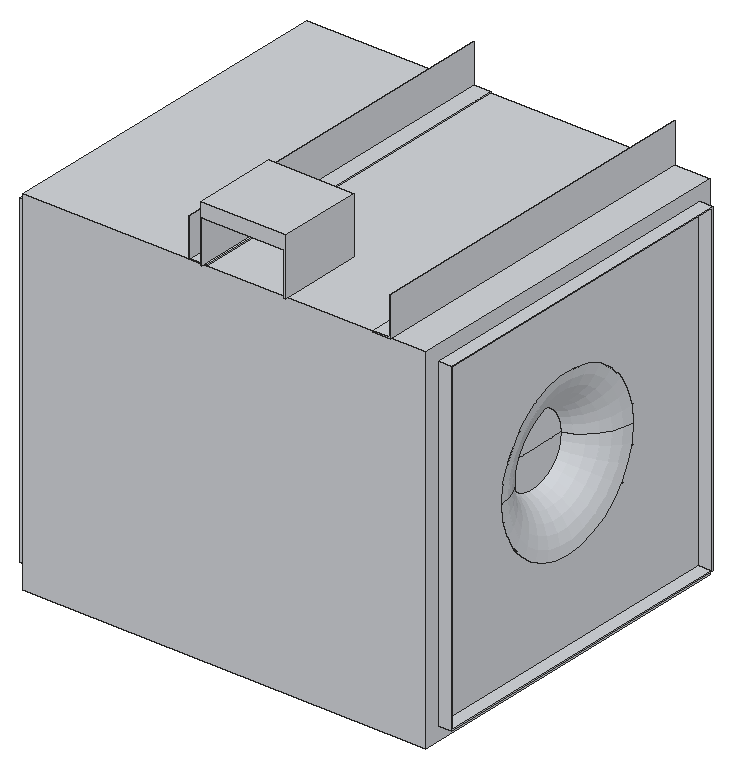
Revit family "SQN-D", category Mechanical Equipment, Revit 2016
Family settings
  Part Type = Normal
  Round Connector Dimension = Use Diameter
  Work Plane-Based = No
  Always vertical = Yes
  Cut with Voids When Loaded = No
  Shared = No
  Room Calculation Point = No
Parameters (values of type "365_SQN-D-VF2")
  ZERO = 0"
  Voltage [instance] = 0 V
  VF_to_Side = 3 3/16"
  VF_to_Rear = 2 1/8"
  Unit Weight [instance] = ""
  URL = "www.lorencook.com"
  Type Comments = "Centrifugal Square Inline Direct Drive Preprogrammed EC Electronically Commutated Vari-Flow Motor"
  T_SQ_HALF = T_SQ / 2  # 6"
  T_SQ = 12"
  TENTH_B = -B_SUB / 10  # -5.68125"
  TENTHB+FOURTHB = TENTH_B - FOURTH_B  # -19.88438"
  Static Pressure [instance] = 0.00 in-wg
  Sones [instance] = ""
  SHAFT_RAD = E_SUB / 12  # 1.22917"
  RAIL_SPACING = B_SUB / 2  # 28 13/32"
  Power [instance] = Voltage * Motor FLA * sqrt(if(Phase = 3, 3, 1))  # 0 VA
  Phase [instance] = 0
  PM = yes
  Number of Poles [instance] = 1
  NEG_HALF_D = -HALF_D_SUB  # -25"
  NEG_HALF2H+D = -(FLANGE + FLANGE + D_SUB) / 2  # -26"
  NEGHALFC-B = -(C_SUB - B_SUB) / 2  # -2"
  Motor RPM [instance] = ""
  Motor Hp [instance] = "0"
  Motor FLA [instance] = 0 A
  Motor Enclosure [instance] = ""
  ModelID [instance] = ""
  Model = "SQN-D-VF2"
  Manufacturer = "Loren Cook Company"
  MOTOR_DEPTH = -RAIL_SPACING + 1/4" - 3"  # -31 5/32"
  LwA [instance] = ""
  LS = yes
  IN_TENTH = INLET_RADIUS - D_SUB_TENTH  # 7 1/2"
  IN_RAD-D_SUB_TENTH = INLET_RADIUS - D_SUB_TENTH  # 7 1/2"
  INLET_RADIUS = HALF_D_SUB / 2  # 12 1/2"
  Height_with_VF = 58"
  HALF_MP = (-TENTH_B + FOURTH_B) / 2  # 9.94219"
  HALF_G = 11 101/256"
  HALF_F = 11 1/32"
  HALF_D_SUB_MIN_.25 = D_SUB_MINUS_.25 / 2  # 24 7/8"
  HALF_D_SUB = D_SUB / 2  # 25"
  HALF_D-F = (D_SUB - F_SUB) / 2  # 15 15/16"
  HALF_D-A = (D_SUB - A_SUB) / 2  # 2"
  HALF_D = D_SUB / 2  # 25"
  HALF_B-G = (B_SUB - G_SUB) / 2  # 18 27/32"
  HALF_B = B_SUB / 2  # 28 13/32"
  HALF_2H+D = (FLANGE + FLANGE + D_SUB) / 2  # 26"
  HALFC-B = (C_SUB - B_SUB) / 2  # 2"
  G_SUB = 19 1/8"
  Fan RPM [instance] = ""
  F_SUB = 18 1/8"
  FOURTH_B = B_SUB / 4  # 14 13/64"
  FLANGE = 1"
  E_SUB_DIRECT = 55 1/2"
  E_SUB = 14 3/4"
  D_PLUS_2 = D_SUB + 2"  # 52"
  D_SUB_TENTH = D_SUB / 10  # 5"
  D_SUB_MINUS_.25 = D_SUB - 1/4"  # 49 3/4"
  D_SUB = 50"
  DEPTH = B_SUB  # 56 13/16"
  C_SUB = 60 13/16"
  CFM [instance] = 0 CFM
  Brake Hp [instance] = ""
  B_SUB_MIN_.125 = B_SUB - 1/8"  # 56 11/16"
  B_SUB = 56 13/16"
  B/2-VF_to_Side = (B_SUB / 2) - VF_to_Side  # 25 7/32"
  Accessories [instance] = ""
  A_SUB = 46"
  1.5 = 1 1/2"  # constant formula
  ONE EIGTH = 1/8"  # constant formula
Types (47): name | VF_to_Side | VF_to_Rear | Type Comments | TENTH_B | TENTHB+FOURTHB | SHAFT_RAD | RAIL_SPACING | PM | NEG_HALF_D | NEG_HALF2H+D | NEGHALFC-B | Model | MOTOR_DEPTH | IN_TENTH | IN_RAD-D_SUB_TENTH | INLET_RADIUS | Height_with_VF | HALF_MP | HALF_D_SUB_MIN_.25 | HALF_D_SUB | HALF_D-F | HALF_D-A | HALF_D | HALF_B-G | HALF_B | HALF_2H+D | HALFC-B | G_SUB | F_SUB | FOURTH_B | E_SUB_DIRECT | E_SUB | D_PLUS_2 | D_SUB_TENTH | D_SUB_MINUS_.25 | D_SUB | DEPTH | C_SUB | B_SUB_MIN_.125 | B_SUB | B/2-VF_to_Side | A_SUB
  (no name) | 3 3/16" | 2 1/8" | "Centrifugal Square Inline Direct Drive Preprogrammed EC Electronically Commutated Vari-Flow Motor" | -5.68125" | -19.88438" | 1.22917" | 28 13/32" | yes | -25" | -26" | -2" | "SQN-D-VF2" | -31 5/32" | 7 1/2" | 7 1/2" | 12 1/2" | 58" | 9.94219" | 24 7/8" | 25" | 15 15/16" | 2" | 25" | 18 27/32" | 28 13/32" | 26" | 2" | 19 1/8" | 18 1/8" | 14 13/64" | 55 1/2" | 14 3/4" | 52" | 5" | 49 3/4" | 50" | 56 13/16" | 60 13/16" | 56 11/16" | 56 13/16" | 25 7/32" | 46"
  70_SQN-D | 3 3/16" | 2 1/8" | "Centrifugal Square Inline Direct Drive" | -1.2" | -4.2" | 1.13021" | 6" | no | -6" | -7" | -1" | "SQN-D" | -8 3/4" | 1.8" | 1.8" | 3" | 29 3/16" | 2.1" | 5 7/8" | 6" | 2 17/32" | 1" | 6" | 2 15/16" | 6" | 7" | 1" | 6 1/8" | 6 15/16" | 3" | 13 9/16" | 13 9/16" | 14" | 1.2" | 11 3/4" | 12" | 12" | 14" | 11 7/8" | 12" | 2 13/16" | 10"
  90_SQN-D | 3 3/16" | 2 1/8" | "Centrifugal Square Inline Direct Drive" | -1 1/2" | -5 1/4" | 1 19/64" | 7 1/2" | no | -7" | -8" | -1" | "SQN-D" | -10 1/4" | 2.1" | 2.1" | 3 1/2" | 29 3/16" | 2 5/8" | 6 7/8" | 7" | 2 17/32" | 1" | 7" | 2 15/16" | 7 1/2" | 8" | 1" | 9 1/8" | 8 15/16" | 3 3/4" | 15 9/16" | 15 9/16" | 16" | 1.4" | 13 3/4" | 14" | 15" | 17" | 14 7/8" | 15" | 4 5/16" | 12"
  100_SQN-D | 3 3/16" | 2 1/8" | "Centrifugal Square Inline Direct Drive" | -2" | -7" | 1.04167" | 10" | no | -7" | -8" | -1" | "SQN-D" | -12 3/4" | 2.1" | 2.1" | 3 1/2" | 29 3/16" | 3 1/2" | 6 7/8" | 7" | 2 17/32" | 1" | 7" | 2 15/16" | 10" | 8" | 1" | 14 1/8" | 8 15/16" | 5" | 15 9/16" | 12 1/2" | 16" | 1.4" | 13 3/4" | 14" | 20" | 22" | 19 7/8" | 20" | 6 13/16" | 12"
  120_SQN-D | 3 3/16" | 2 1/8" | "Centrifugal Square Inline Direct Drive" | -2" | -7" | 1.04167" | 10" | no | -9 7/32" | -10 7/32" | -1" | "SQN-D" | -12 3/4" | 2 49/64" | 2 49/64" | 4 39/64" | 29 3/16" | 3 1/2" | 9 3/32" | 9 7/32" | 2 15/16" | 1 7/32" | 9 7/32" | 2 15/16" | 10" | 10 7/32" | 1" | 14 1/8" | 12 9/16" | 5" | 20" | 12 1/2" | 20 7/16" | 1 27/32" | 18 3/16" | 18 7/16" | 20" | 22" | 19 7/8" | 20" | 6 13/16" | 16"
  135_SQN-D | 3 3/16" | 2 1/8" | "Centrifugal Square Inline Direct Drive" | -2.025" | -7.0875" | 1.04167" | 10 1/8" | no | -10 3/8" | -11 3/8" | -1" | "SQN-D" | -12 7/8" | 3.1125" | 3.1125" | 5 3/16" | 29 3/16" | 3.54375" | 10 1/4" | 10 3/8" | 3 13/16" | 1 3/8" | 10 3/8" | 3" | 10 1/8" | 11 3/8" | 1" | 14 1/4" | 13 1/8" | 5 1/16" | 22 5/16" | 12 1/2" | 22 3/4" | 2.075" | 20 1/2" | 20 3/4" | 20 1/4" | 22 1/4" | 20 1/8" | 20 1/4" | 6 15/16" | 18"
  150_SQN-D | 3 3/16" | 2 1/8" | "Centrifugal Square Inline Direct Drive" | -2 3/16" | -7 21/32" | 1 1/16" | 10 15/16" | no | -11 1/2" | -12 1/2" | -1" | "SQN-D" | -13 11/16" | 3.45" | 3.45" | 5 3/4" | 29 3/16" | 3 53/64" | 11 3/8" | 11 1/2" | 3 7/16" | 1 1/2" | 11 1/2" | 2 31/32" | 10 15/16" | 12 1/2" | 1" | 15 15/16" | 16 1/8" | 5 15/32" | 25 1/16" | 12 3/4" | 25" | 2.3" | 22 3/4" | 23" | 21 7/8" | 23 7/8" | 21 3/4" | 21 7/8" | 7 3/4" | 20"
  165_SQN-D | 3 3/16" | 2 1/8" | "Centrifugal Square Inline Direct Drive" | -2 1/2" | -8 3/4" | 1.22917" | 12 1/2" | no | -12 21/32" | -13 21/32" | -1" | "SQN-D" | -15 1/4" | 3 51/64" | 3 51/64" | 6 21/64" | 29 3/16" | 4 3/8" | 12 17/32" | 12 21/32" | 3 19/32" | 1 21/32" | 12 21/32" | 2 15/16" | 12 1/2" | 13 21/32" | 1" | 19 1/8" | 18 1/8" | 6 1/4" | 27 3/8" | 14 3/4" | 27 5/16" | 2 17/32" | 25 1/16" | 25 5/16" | 25" | 27" | 24 7/8" | 25" | 9 5/16" | 22"
  120_SQN-D-VF | 3 3/16" | 2 1/8" | "Centrifugal Square Inline Direct Drive Preprogrammed EC Electronically Commutated Vari-Flow Motor" | -2" | -7" | 1.04167" | 10" | no | -9 7/32" | -10 7/32" | -1" | "SQN-D-VF" | -12 3/4" | 2 49/64" | 2 49/64" | 4 39/64" | 29 3/16" | 3 1/2" | 9 3/32" | 9 7/32" | 2 15/16" | 1 7/32" | 9 7/32" | 2 15/16" | 10" | 10 7/32" | 1" | 14 1/8" | 12 9/16" | 5" | 20" | 12 1/2" | 20 7/16" | 1 27/32" | 18 3/16" | 18 7/16" | 20" | 22" | 19 7/8" | 20" | 6 13/16" | 16"
  135_SQN-D-VF | 4 3/8" | 8 1/8" | "Centrifugal Square Inline Direct Drive Preprogrammed EC Electronically Commutated Vari-Flow Motor" | -2.025" | -7.0875" | 1.04167" | 10 1/8" | no | -10 3/8" | -11 3/8" | -1" | "SQN-D-VF" | -12 7/8" | 3.1125" | 3.1125" | 5 3/16" | 31 1/2" | 3.54375" | 10 1/4" | 10 3/8" | 3 13/16" | 1 3/8" | 10 3/8" | 3" | 10 1/8" | 11 3/8" | 1" | 14 1/4" | 13 1/8" | 5 1/16" | 22 5/16" | 12 1/2" | 22 3/4" | 2.075" | 20 1/2" | 20 3/4" | 20 1/4" | 22 1/4" | 20 1/8" | 20 1/4" | 5 3/4" | 18"
  150_SQN-D-VF | 5 1/2" | 11 3/4" | "Centrifugal Square Inline Direct Drive Preprogrammed EC Electronically Commutated Vari-Flow Motor" | -2 3/16" | -7 21/32" | 1 1/16" | 10 15/16" | no | -11 1/2" | -12 1/2" | -1" | "SQN-D-VF" | -13 11/16" | 3.45" | 3.45" | 5 3/4" | 31 1/8" | 3 53/64" | 11 3/8" | 11 1/2" | 3 7/16" | 1 1/2" | 11 1/2" | 2 31/32" | 10 15/16" | 12 1/2" | 1" | 15 15/16" | 16 1/8" | 5 15/32" | 25 1/16" | 12 3/4" | 25" | 2.3" | 22 3/4" | 23" | 21 7/8" | 23 7/8" | 21 3/4" | 21 7/8" | 5 7/16" | 20"
  165_SQN-D-VF | 6 5/8" | 13 7/8" | "Centrifugal Square Inline Direct Drive Preprogrammed EC Electronically Commutated Vari-Flow Motor" | -2 1/2" | -8 3/4" | 1.22917" | 12 1/2" | no | -12 21/32" | -13 21/32" | -1" | "SQN-D-VF" | -15 1/4" | 3 51/64" | 3 51/64" | 6 21/64" | 33 1/2" | 4 3/8" | 12 17/32" | 12 21/32" | 3 19/32" | 1 21/32" | 12 21/32" | 2 15/16" | 12 1/2" | 13 21/32" | 1" | 19 1/8" | 18 1/8" | 6 1/4" | 27 3/8" | 14 3/4" | 27 5/16" | 2 17/32" | 25 1/16" | 25 5/16" | 25" | 27" | 24 7/8" | 25" | 5 7/8" | 22"
  120_SQN-D-VF2 | 3 3/16" | 2 1/8" | "Centrifugal Square Inline Direct Drive Preprogrammed PM Electronically Commutated Vari-Flow Motor" | -2" | -7" | 1.04167" | 10" | yes | -9 7/32" | -10 7/32" | -1" | "SQN-D-VF2" | -12 3/4" | 2 49/64" | 2 49/64" | 4 39/64" | 29 3/16" | 3 1/2" | 9 3/32" | 9 7/32" | 2 15/16" | 1 7/32" | 9 7/32" | 2 15/16" | 10" | 10 7/32" | 1" | 14 1/8" | 12 9/16" | 5" | 20" | 12 1/2" | 20 7/16" | 1 27/32" | 18 3/16" | 18 7/16" | 20" | 22" | 19 7/8" | 20" | 6 13/16" | 16"
  135_SQN-D-VF2 | 4 3/8" | 8 1/8" | "Centrifugal Square Inline Direct Drive Preprogrammed PM Electronically Commutated Vari-Flow Motor" | -2.025" | -7.0875" | 1.04167" | 10 1/8" | yes | -10 3/8" | -11 3/8" | -1" | "SQN-D-VF2" | -12 7/8" | 3.1125" | 3.1125" | 5 3/16" | 31 1/2" | 3.54375" | 10 1/4" | 10 3/8" | 3 13/16" | 1 3/8" | 10 3/8" | 3" | 10 1/8" | 11 3/8" | 1" | 14 1/4" | 13 1/8" | 5 1/16" | 22 5/16" | 12 1/2" | 22 3/4" | 2.075" | 20 1/2" | 20 3/4" | 20 1/4" | 22 1/4" | 20 1/8" | 20 1/4" | 5 3/4" | 18"
  150_SQN-D-VF2 | 5 1/2" | 11 3/4" | "Centrifugal Square Inline Direct Drive Preprogrammed PM Electronically Commutated Vari-Flow Motor" | -2 3/16" | -7 21/32" | 1 1/16" | 10 15/16" | yes | -11 1/2" | -12 1/2" | -1" | "SQN-D-VF2" | -13 11/16" | 3.45" | 3.45" | 5 3/4" | 31 1/8" | 3 53/64" | 11 3/8" | 11 1/2" | 3 7/16" | 1 1/2" | 11 1/2" | 2 31/32" | 10 15/16" | 12 1/2" | 1" | 15 15/16" | 16 1/8" | 5 15/32" | 25 1/16" | 12 3/4" | 25" | 2.3" | 22 3/4" | 23" | 21 7/8" | 23 7/8" | 21 3/4" | 21 7/8" | 5 7/16" | 20"
  165_SQN-D-VF2 | 6 5/8" | 13 7/8" | "Centrifugal Square Inline Direct Drive Preprogrammed PM Electronically Commutated Vari-Flow Motor" | -2 1/2" | -8 3/4" | 1.22917" | 12 1/2" | yes | -12 21/32" | -13 21/32" | -1" | "SQN-D-VF2" | -15 1/4" | 3 51/64" | 3 51/64" | 6 21/64" | 33 1/2" | 4 3/8" | 12 17/32" | 12 21/32" | 3 19/32" | 1 21/32" | 12 21/32" | 2 15/16" | 12 1/2" | 13 21/32" | 1" | 19 1/8" | 18 1/8" | 6 1/4" | 27 3/8" | 14 3/4" | 27 5/16" | 2 17/32" | 25 1/16" | 25 5/16" | 25" | 27" | 24 7/8" | 25" | 5 7/8" | 22"
  180_SQN-D | 3 3/16" | 2 1/8" | "Centrifugal Square Inline Direct Drive" | -2.8" | -9.8" | 1.22917" | 14" | no | -13 13/16" | -14 13/16" | -1" | "SQN-D" | -16 3/4" | 4.14375" | 4.14375" | 6 29/32" | 40" | 4.9" | 13 11/16" | 13 13/16" | 4 3/4" | 1 13/16" | 13 13/16" | 4 7/16" | 14" | 14 13/16" | 1" | 19 1/8" | 18 1/8" | 7" | 30 1/8" | 14 3/4" | 29 5/8" | 2.7625" | 27 3/8" | 27 5/8" | 28" | 30" | 27 7/8" | 28" | 10 13/16" | 24"
  195_SQN-D | 3 3/16" | 2 1/8" | "Centrifugal Square Inline Direct Drive" | -3.025" | -10.5875" | 1.22917" | 15 1/8" | no | -14 31/32" | -15 31/32" | -1" | "SQN-D" | -17 7/8" | 4.49063" | 4.49063" | 7 31/64" | 40" | 5.29375" | 14 27/32" | 14 31/32" | 5 29/32" | 1 31/32" | 14 31/32" | 5 9/16" | 15 1/8" | 15 31/32" | 1" | 19 1/8" | 18 1/8" | 7 9/16" | 32 7/16" | 14 3/4" | 31 15/16" | 2.99375" | 29 11/16" | 29 15/16" | 30 1/4" | 32 1/4" | 30 1/8" | 30 1/4" | 11 15/16" | 26"
  210_SQN-D | 3 3/16" | 2 1/8" | "Centrifugal Square Inline Direct Drive" | -3.2" | -11.2" | 1.22917" | 16" | no | -15 5/8" | -16 5/8" | -1 1/2" | "SQN-D" | -18 3/4" | 4 11/16" | 4 11/16" | 7 13/16" | 40" | 5.6" | 15 1/2" | 15 5/8" | 6 9/16" | 1 5/8" | 15 5/8" | 6 7/16" | 16" | 16 5/8" | 1 1/2" | 19 1/8" | 18 1/8" | 8" | 33 3/4" | 14 3/4" | 33 1/4" | 3 1/8" | 31" | 31 1/4" | 32" | 35" | 31 7/8" | 32" | 12 13/16" | 28"
  225_SQN-D | 3 3/16" | 2 1/8" | "Centrifugal Square Inline Direct Drive" | -3.425" | -11.9875" | 1.22917" | 17 1/8" | no | -16 3/4" | -17 3/4" | -1 1/2" | "SQN-D" | -19 7/8" | 5.025" | 5.025" | 8 3/8" | 48" | 5.99375" | 16 5/8" | 16 3/4" | 7 11/16" | 1 3/4" | 16 3/4" | 7 9/16" | 17 1/8" | 17 3/4" | 1 1/2" | 19 1/8" | 18 1/8" | 8 9/16" | 36" | 14 3/4" | 35 1/2" | 3.35" | 33 1/4" | 33 1/2" | 34 1/4" | 37 1/4" | 34 1/8" | 34 1/4" | 13 15/16" | 30"
  245_SQN-D | 3 3/16" | 2 1/8" | "Centrifugal Square Inline Direct Drive" | -3.66875" | -12.84063" | 1.22917" | 18 11/32" | no | -18" | -19" | -2 1/16" | "SQN-D" | -21 3/32" | 5.4" | 5.4" | 9" | 48" | 6.42031" | 17 7/8" | 18" | 8 15/16" | 1 1/2" | 18" | 8 25/32" | 18 11/32" | 19" | 2 1/16" | 19 1/8" | 18 1/8" | 9 11/64" | 38 1/2" | 14 3/4" | 38" | 3.6" | 35 3/4" | 36" | 36 11/16" | 40 13/16" | 36 9/16" | 36 11/16" | 15 5/32" | 33"
  270_SQN-D | 3 3/16" | 2 1/8" | "Centrifugal Square Inline Direct Drive" | -4.1" | -14.35" | 1.22917" | 20 1/2" | no | -19 27/32" | -20 27/32" | -2" | "SQN-D" | -23 1/4" | 5 61/64" | 5 61/64" | 9 59/64" | 48" | 7.175" | 19 23/32" | 19 27/32" | 10 25/32" | 1 21/32" | 19 27/32" | 10 15/16" | 20 1/2" | 20 27/32" | 2" | 19 1/8" | 18 1/8" | 10 1/4" | 42 3/16" | 14 3/4" | 41 11/16" | 3 31/32" | 39 7/16" | 39 11/16" | 41" | 45" | 40 7/8" | 41" | 17 5/16" | 36 3/8"
  300_SQN-D | 3 3/16" | 2 1/8" | "Centrifugal Square Inline Direct Drive" | -4.6" | -16.1" | 1.22917" | 23" | no | -22" | -23" | -2" | "SQN-D" | -25 3/4" | 6.6" | 6.6" | 11" | 58" | 8.05" | 21 7/8" | 22" | 12 15/16" | 2" | 22" | 13 7/16" | 23" | 23" | 2" | 19 1/8" | 18 1/8" | 11 1/2" | 46 1/2" | 14 3/4" | 46" | 4.4" | 43 3/4" | 44" | 46" | 50" | 45 7/8" | 46" | 19 13/16" | 40"
  330_SQN-D | 3 3/16" | 2 1/8" | "Centrifugal Square Inline Direct Drive" | -5.1" | -17.85" | 1.22917" | 25 1/2" | no | -24 7/32" | -25 7/32" | -2" | "SQN-D" | -28 1/4" | 7 17/64" | 7 17/64" | 12 7/64" | 58" | 8.925" | 24 3/32" | 24 7/32" | 15 5/32" | 2 7/32" | 24 7/32" | 15 15/16" | 25 1/2" | 25 7/32" | 2" | 19 1/8" | 18 1/8" | 12 3/4" | 50 15/16" | 14 3/4" | 50 7/16" | 4 27/32" | 48 3/16" | 48 7/16" | 51" | 55" | 50 7/8" | 51" | 22 5/16" | 44"
  365_SQN-D | 3 3/16" | 2 1/8" | "Centrifugal Square Inline Direct Drive" | -5.68125" | -19.88438" | 1.22917" | 28 13/32" | no | -25" | -26" | -2" | "SQN-D" | -31 5/32" | 7 1/2" | 7 1/2" | 12 1/2" | 58" | 9.94219" | 24 7/8" | 25" | 15 15/16" | 2" | 25" | 18 27/32" | 28 13/32" | 26" | 2" | 19 1/8" | 18 1/8" | 14 13/64" | 55 1/2" | 14 3/4" | 52" | 5" | 49 3/4" | 50" | 56 13/16" | 60 13/16" | 56 11/16" | 56 13/16" | 25 7/32" | 46"
  100_SQN-D-VF | 3 3/16" | 2 1/8" | "Centrifugal Square Inline Direct Drive Preprogrammed EC Electronically Commutated Vari-Flow Motor" | -2" | -7" | 1.04167" | 10" | no | -7" | -8" | -1" | "SQN-D-VF" | -12 3/4" | 2.1" | 2.1" | 3 1/2" | 29 3/16" | 3 1/2" | 6 7/8" | 7" | 2 17/32" | 1" | 7" | 2 15/16" | 10" | 8" | 1" | 14 1/8" | 8 15/16" | 5" | 15 9/16" | 12 1/2" | 16" | 1.4" | 13 3/4" | 14" | 20" | 22" | 19 7/8" | 20" | 6 13/16" | 12"
  70_SQN-D-VF | 3 3/16" | 2 1/8" | "Centrifugal Square Inline Direct Drive Preprogrammed EC Electronically Commutated Vari-Flow Motor" | -1.2" | -4.2" | 1.13021" | 6" | no | -6" | -7" | -1" | "SQN-D-VF" | -8 3/4" | 1.8" | 1.8" | 3" | 29 3/16" | 2.1" | 5 7/8" | 6" | 2 17/32" | 1" | 6" | 2 15/16" | 6" | 7" | 1" | 6 1/8" | 6 15/16" | 3" | 13 9/16" | 13 9/16" | 14" | 1.2" | 11 3/4" | 12" | 12" | 14" | 11 7/8" | 12" | 2 13/16" | 10"
  90_SQN-D-VF | 3 3/16" | 2 1/8" | "Centrifugal Square Inline Direct Drive Preprogrammed EC Electronically Commutated Vari-Flow Motor" | -1 1/2" | -5 1/4" | 1 19/64" | 7 1/2" | no | -7" | -8" | -1" | "SQN-D-VF" | -10 1/4" | 2.1" | 2.1" | 3 1/2" | 29 3/16" | 2 5/8" | 6 7/8" | 7" | 2 17/32" | 1" | 7" | 2 15/16" | 7 1/2" | 8" | 1" | 9 1/8" | 8 15/16" | 3 3/4" | 15 9/16" | 15 9/16" | 16" | 1.4" | 13 3/4" | 14" | 15" | 17" | 14 7/8" | 15" | 4 5/16" | 12"
  100_SQN-D-VF2 | 3 3/16" | 2 1/8" | "Centrifugal Square Inline Direct Drive Preprogrammed EC Electronically Commutated Vari-Flow Motor" | -2" | -7" | 1.04167" | 10" | yes | -7" | -8" | -1" | "SQN-D-VF2" | -12 3/4" | 2.1" | 2.1" | 3 1/2" | 29 3/16" | 3 1/2" | 6 7/8" | 7" | 2 17/32" | 1" | 7" | 2 15/16" | 10" | 8" | 1" | 14 1/8" | 8 15/16" | 5" | 15 9/16" | 12 1/2" | 16" | 1.4" | 13 3/4" | 14" | 20" | 22" | 19 7/8" | 20" | 6 13/16" | 12"
  180_SQN-D_VF | 3 3/16" | 2 1/8" | "Centrifugal Square Inline Direct Drive Preprogrammed EC Electronically Commutated Vari-Flow Motor" | -2.8" | -9.8" | 1.22917" | 14" | no | -13 13/16" | -14 13/16" | -1" | "SQN-D-VF" | -16 3/4" | 4.14375" | 4.14375" | 6 29/32" | 40" | 4.9" | 13 11/16" | 13 13/16" | 4 3/4" | 1 13/16" | 13 13/16" | 4 7/16" | 14" | 14 13/16" | 1" | 19 1/8" | 18 1/8" | 7" | 30 1/8" | 14 3/4" | 29 5/8" | 2.7625" | 27 3/8" | 27 5/8" | 28" | 30" | 27 7/8" | 28" | 10 13/16" | 24"
  180_SQN-D-VF2 | 3 3/16" | 2 1/8" | "Centrifugal Square Inline Direct Drive Preprogrammed EC Electronically Commutated Vari-Flow Motor" | -2.8" | -9.8" | 1.22917" | 14" | yes | -13 13/16" | -14 13/16" | -1" | "SQN-D-VF2" | -16 3/4" | 4.14375" | 4.14375" | 6 29/32" | 40" | 4.9" | 13 11/16" | 13 13/16" | 4 3/4" | 1 13/16" | 13 13/16" | 4 7/16" | 14" | 14 13/16" | 1" | 19 1/8" | 18 1/8" | 7" | 30 1/8" | 14 3/4" | 29 5/8" | 2.7625" | 27 3/8" | 27 5/8" | 28" | 30" | 27 7/8" | 28" | 10 13/16" | 24"
  195_SQN-D-VF | 3 3/16" | 2 1/8" | "Centrifugal Square Inline Direct Drive Preprogrammed EC Electronically Commutated Vari-Flow Motor" | -3.025" | -10.5875" | 1.22917" | 15 1/8" | no | -14 31/32" | -15 31/32" | -1" | "SQN-D-VF" | -17 7/8" | 4.49063" | 4.49063" | 7 31/64" | 40" | 5.29375" | 14 27/32" | 14 31/32" | 5 29/32" | 1 31/32" | 14 31/32" | 5 9/16" | 15 1/8" | 15 31/32" | 1" | 19 1/8" | 18 1/8" | 7 9/16" | 32 7/16" | 14 3/4" | 31 15/16" | 2.99375" | 29 11/16" | 29 15/16" | 30 1/4" | 32 1/4" | 30 1/8" | 30 1/4" | 11 15/16" | 26"
  195_SQN-D-VF2 | 3 3/16" | 2 1/8" | "Centrifugal Square Inline Direct Drive Preprogrammed EC Electronically Commutated Vari-Flow Motor" | -3.025" | -10.5875" | 1.22917" | 15 1/8" | yes | -14 31/32" | -15 31/32" | -1" | "SQN-D-VF2" | -17 7/8" | 4.49063" | 4.49063" | 7 31/64" | 40" | 5.29375" | 14 27/32" | 14 31/32" | 5 29/32" | 1 31/32" | 14 31/32" | 5 9/16" | 15 1/8" | 15 31/32" | 1" | 19 1/8" | 18 1/8" | 7 9/16" | 32 7/16" | 14 3/4" | 31 15/16" | 2.99375" | 29 11/16" | 29 15/16" | 30 1/4" | 32 1/4" | 30 1/8" | 30 1/4" | 11 15/16" | 26"
  210_SQN-D-VF | 3 3/16" | 2 1/8" | "Centrifugal Square Inline Direct Drive Preprogrammed EC Electronically Commutated Vari-Flow Motor" | -3.2" | -11.2" | 1.22917" | 16" | no | -15 5/8" | -16 5/8" | -1 1/2" | "SQN-D-VF" | -18 3/4" | 4 11/16" | 4 11/16" | 7 13/16" | 40" | 5.6" | 15 1/2" | 15 5/8" | 6 9/16" | 1 5/8" | 15 5/8" | 6 7/16" | 16" | 16 5/8" | 1 1/2" | 19 1/8" | 18 1/8" | 8" | 33 3/4" | 14 3/4" | 33 1/4" | 3 1/8" | 31" | 31 1/4" | 32" | 35" | 31 7/8" | 32" | 12 13/16" | 28"
  210_SQN-D-VF2 | 3 3/16" | 2 1/8" | "Centrifugal Square Inline Direct Drive Preprogrammed EC Electronically Commutated Vari-Flow Motor" | -3.2" | -11.2" | 1.22917" | 16" | yes | -15 5/8" | -16 5/8" | -1 1/2" | "SQN-D-VF2" | -18 3/4" | 4 11/16" | 4 11/16" | 7 13/16" | 40" | 5.6" | 15 1/2" | 15 5/8" | 6 9/16" | 1 5/8" | 15 5/8" | 6 7/16" | 16" | 16 5/8" | 1 1/2" | 19 1/8" | 18 1/8" | 8" | 33 3/4" | 14 3/4" | 33 1/4" | 3 1/8" | 31" | 31 1/4" | 32" | 35" | 31 7/8" | 32" | 12 13/16" | 28"
  225_SQN-D-VF | 3 3/16" | 2 1/8" | "Centrifugal Square Inline Direct Drive Preprogrammed EC Electronically Commutated Vari-Flow Motor" | -3.425" | -11.9875" | 1.22917" | 17 1/8" | no | -16 3/4" | -17 3/4" | -1 1/2" | "SQN-D-VF" | -19 7/8" | 5.025" | 5.025" | 8 3/8" | 48" | 5.99375" | 16 5/8" | 16 3/4" | 7 11/16" | 1 3/4" | 16 3/4" | 7 9/16" | 17 1/8" | 17 3/4" | 1 1/2" | 19 1/8" | 18 1/8" | 8 9/16" | 36" | 14 3/4" | 35 1/2" | 3.35" | 33 1/4" | 33 1/2" | 34 1/4" | 37 1/4" | 34 1/8" | 34 1/4" | 13 15/16" | 30"
  225_SQN-D-VF2 | 3 3/16" | 2 1/8" | "Centrifugal Square Inline Direct Drive Preprogrammed EC Electronically Commutated Vari-Flow Motor" | -3.425" | -11.9875" | 1.22917" | 17 1/8" | yes | -16 3/4" | -17 3/4" | -1 1/2" | "SQN-D-VF2" | -19 7/8" | 5.025" | 5.025" | 8 3/8" | 48" | 5.99375" | 16 5/8" | 16 3/4" | 7 11/16" | 1 3/4" | 16 3/4" | 7 9/16" | 17 1/8" | 17 3/4" | 1 1/2" | 19 1/8" | 18 1/8" | 8 9/16" | 36" | 14 3/4" | 35 1/2" | 3.35" | 33 1/4" | 33 1/2" | 34 1/4" | 37 1/4" | 34 1/8" | 34 1/4" | 13 15/16" | 30"
  245_SQN-D-VF | 3 3/16" | 2 1/8" | "Centrifugal Square Inline Direct Drive Preprogrammed EC Electronically Commutated Vari-Flow Motor" | -3.66875" | -12.84063" | 1.22917" | 18 11/32" | no | -18" | -19" | -2 1/16" | "SQN-D-VF" | -21 3/32" | 5.4" | 5.4" | 9" | 48" | 6.42031" | 17 7/8" | 18" | 8 15/16" | 1 1/2" | 18" | 8 25/32" | 18 11/32" | 19" | 2 1/16" | 19 1/8" | 18 1/8" | 9 11/64" | 38 1/2" | 14 3/4" | 38" | 3.6" | 35 3/4" | 36" | 36 11/16" | 40 13/16" | 36 9/16" | 36 11/16" | 15 5/32" | 33"
  245_SQN-D-VF2 | 3 3/16" | 2 1/8" | "Centrifugal Square Inline Direct Drive Preprogrammed EC Electronically Commutated Vari-Flow Motor" | -3.66875" | -12.84063" | 1.22917" | 18 11/32" | yes | -18" | -19" | -2 1/16" | "SQN-D-VF2" | -21 3/32" | 5.4" | 5.4" | 9" | 48" | 6.42031" | 17 7/8" | 18" | 8 15/16" | 1 1/2" | 18" | 8 25/32" | 18 11/32" | 19" | 2 1/16" | 19 1/8" | 18 1/8" | 9 11/64" | 38 1/2" | 14 3/4" | 38" | 3.6" | 35 3/4" | 36" | 36 11/16" | 40 13/16" | 36 9/16" | 36 11/16" | 15 5/32" | 33"
  270_SQN-D-VF | 3 3/16" | 2 1/8" | "Centrifugal Square Inline Direct Drive Preprogrammed EC Electronically Commutated Vari-Flow Motor" | -4.1" | -14.35" | 1.22917" | 20 1/2" | no | -19 27/32" | -20 27/32" | -2" | "SQN-D-VF" | -23 1/4" | 5 61/64" | 5 61/64" | 9 59/64" | 48" | 7.175" | 19 23/32" | 19 27/32" | 10 25/32" | 1 21/32" | 19 27/32" | 10 15/16" | 20 1/2" | 20 27/32" | 2" | 19 1/8" | 18 1/8" | 10 1/4" | 42 3/16" | 14 3/4" | 41 11/16" | 3 31/32" | 39 7/16" | 39 11/16" | 41" | 45" | 40 7/8" | 41" | 17 5/16" | 36 3/8"
  270_SQN-D-VF2 | 3 3/16" | 2 1/8" | "Centrifugal Square Inline Direct Drive Preprogrammed EC Electronically Commutated Vari-Flow Motor" | -4.1" | -14.35" | 1.22917" | 20 1/2" | yes | -19 27/32" | -20 27/32" | -2" | "SQN-D-VF2" | -23 1/4" | 5 61/64" | 5 61/64" | 9 59/64" | 48" | 7.175" | 19 23/32" | 19 27/32" | 10 25/32" | 1 21/32" | 19 27/32" | 10 15/16" | 20 1/2" | 20 27/32" | 2" | 19 1/8" | 18 1/8" | 10 1/4" | 42 3/16" | 14 3/4" | 41 11/16" | 3 31/32" | 39 7/16" | 39 11/16" | 41" | 45" | 40 7/8" | 41" | 17 5/16" | 36 3/8"
  300_SQN-D-VF | 3 3/16" | 2 1/8" | "Centrifugal Square Inline Direct Drive Preprogrammed EC Electronically Commutated Vari-Flow Motor" | -4.6" | -16.1" | 1.22917" | 23" | no | -22" | -23" | -2" | "SQN-D-VF" | -25 3/4" | 6.6" | 6.6" | 11" | 58" | 8.05" | 21 7/8" | 22" | 12 15/16" | 2" | 22" | 13 7/16" | 23" | 23" | 2" | 19 1/8" | 18 1/8" | 11 1/2" | 46 1/2" | 14 3/4" | 46" | 4.4" | 43 3/4" | 44" | 46" | 50" | 45 7/8" | 46" | 19 13/16" | 40"
  300_SQN-D-VF2 | 3 3/16" | 2 1/8" | "Centrifugal Square Inline Direct Drive Preprogrammed EC Electronically Commutated Vari-Flow Motor" | -4.6" | -16.1" | 1.22917" | 23" | yes | -22" | -23" | -2" | "SQN-D-VF2" | -25 3/4" | 6.6" | 6.6" | 11" | 58" | 8.05" | 21 7/8" | 22" | 12 15/16" | 2" | 22" | 13 7/16" | 23" | 23" | 2" | 19 1/8" | 18 1/8" | 11 1/2" | 46 1/2" | 14 3/4" | 46" | 4.4" | 43 3/4" | 44" | 46" | 50" | 45 7/8" | 46" | 19 13/16" | 40"
  330_SQN-D-VF | 3 3/16" | 2 1/8" | "Centrifugal Square Inline Direct Drive Preprogrammed EC Electronically Commutated Vari-Flow Motor" | -5.1" | -17.85" | 1.22917" | 25 1/2" | no | -24 7/32" | -25 7/32" | -2" | "SQN-D-VF" | -28 1/4" | 7 17/64" | 7 17/64" | 12 7/64" | 58" | 8.925" | 24 3/32" | 24 7/32" | 15 5/32" | 2 7/32" | 24 7/32" | 15 15/16" | 25 1/2" | 25 7/32" | 2" | 19 1/8" | 18 1/8" | 12 3/4" | 50 15/16" | 14 3/4" | 50 7/16" | 4 27/32" | 48 3/16" | 48 7/16" | 51" | 55" | 50 7/8" | 51" | 22 5/16" | 44"
  330_SQN-D-VF2 | 3 3/16" | 2 1/8" | "Centrifugal Square Inline Direct Drive Preprogrammed EC Electronically Commutated Vari-Flow Motor" | -5.1" | -17.85" | 1.22917" | 25 1/2" | yes | -24 7/32" | -25 7/32" | -2" | "SQN-D-VF2" | -28 1/4" | 7 17/64" | 7 17/64" | 12 7/64" | 58" | 8.925" | 24 3/32" | 24 7/32" | 15 5/32" | 2 7/32" | 24 7/32" | 15 15/16" | 25 1/2" | 25 7/32" | 2" | 19 1/8" | 18 1/8" | 12 3/4" | 50 15/16" | 14 3/4" | 50 7/16" | 4 27/32" | 48 3/16" | 48 7/16" | 51" | 55" | 50 7/8" | 51" | 22 5/16" | 44"
  365_SQN-D-VF | 3 3/16" | 2 1/8" | "Centrifugal Square Inline Direct Drive Preprogrammed EC Electronically Commutated Vari-Flow Motor" | -5.68125" | -19.88438" | 1.22917" | 28 13/32" | no | -25" | -26" | -2" | "SQN-D-VF" | -31 5/32" | 7 1/2" | 7 1/2" | 12 1/2" | 58" | 9.94219" | 24 7/8" | 25" | 15 15/16" | 2" | 25" | 18 27/32" | 28 13/32" | 26" | 2" | 19 1/8" | 18 1/8" | 14 13/64" | 55 1/2" | 14 3/4" | 52" | 5" | 49 3/4" | 50" | 56 13/16" | 60 13/16" | 56 11/16" | 56 13/16" | 25 7/32" | 46"
  365_SQN-D-VF2 | 3 3/16" | 2 1/8" | "Centrifugal Square Inline Direct Drive Preprogrammed EC Electronically Commutated Vari-Flow Motor" | -5.68125" | -19.88438" | 1.22917" | 28 13/32" | yes | -25" | -26" | -2" | "SQN-D-VF2" | -31 5/32" | 7 1/2" | 7 1/2" | 12 1/2" | 58" | 9.94219" | 24 7/8" | 25" | 15 15/16" | 2" | 25" | 18 27/32" | 28 13/32" | 26" | 2" | 19 1/8" | 18 1/8" | 14 13/64" | 55 1/2" | 14 3/4" | 52" | 5" | 49 3/4" | 50" | 56 13/16" | 60 13/16" | 56 11/16" | 56 13/16" | 25 7/32" | 46"
Reference planes (in)
  plane 1 "Center (Front/Back)": y = 0
  plane 2: z = 0
  plane 3 "Center (Left/Right)": x = 0.40541
  plane 4: y = -25.21875
Forms (in)
  Extrusion 1, solid
    sketch origin (0, 0, 0) x (1, 0, 0) y (0, 1, 0)
      loop
        line (-28.00084, 25) -> (-28.00084, -25) -> (28.81166, -25) -> (28.81166, 25) -> (-28.00084, 25)
    from -25 <- "NEG_HALF_D" to 25 <- "HALF_D"
  Revolve 2, void
    sketch origin (0, 0, 0) x (1, 0, 0) y (0, 1, 0)
      loop
        line (28.81166, 14.5) -> (28.81166, 12.5)
        arc (28.81166, 12.5) -> (27.56407, 7.91506) -> (23.81166, 5) r 7.5
        line (23.81166, 5) -> (23.81166, 0) -> (30.82244, 0) -> (30.82244, 14.5) -> (28.81166, 14.5)
      axis (23.81166, 0) -> (30.82244, 0)
    angle from 0 to 360
  Extrusion 3, solid, visible <- "LS"
    sketch origin (0, 0, 0) x (1, 0, 0) y (0, 0, 1)
      loop
        line (23.81166, 30.5) -> (23.68666, 30.5) -> (23.68666, 25.125) -> (21.31166, 25.125) -> (21.31166, 25) -> (23.81166, 25) -> (23.81166, 30.5)
    from 25 <- "HALF_D" to -25 <- "NEG_HALF_D"
  Extrusion 4, solid, visible <- "LS"
    sketch origin (0, 0, 0) x (1, 0, 0) y (0, 0, 1)
      loop
        line (-2.09459, 25) -> (-2.09459, 25.125) -> (-4.46959, 25.125) -> (-4.46959, 30.5) -> (-4.59459, 30.5) -> (-4.59459, 25) -> (-2.09459, 25)
    from 25 <- "HALF_D" to -25 <- "NEG_HALF_D"
  Extrusion 5, solid
    sketch origin (28.81166, 25, 0) x (0, -1, 0) y (0, 0, -1)
      loop
        line (48, -23) -> (48, 23) -> (2, 23) -> (2, -23) -> (48, -23)
      loop
        line (47.875, -22.875) -> (47.875, 22.875) -> (2.125, 22.875) -> (2.125, -22.875) -> (47.875, -22.875)
    from 0 to 2 <- "HALFC-B"
  Extrusion 6, solid
    sketch origin (-28.00084, -25, 0) x (0, 1, 0) y (0, 0, -1)
      loop
        line (48, -23) -> (48, 23) -> (2, 23) -> (2, -23) -> (48, -23)
      loop
        line (47.875, -22.875) -> (47.875, 22.875) -> (2.125, 22.875) -> (2.125, -22.875) -> (47.875, -22.875)
    from 0 to 2 <- "HALFC-B"
  Extrusion 7, solid, visible <- "PM"
    sketch origin (0, -25.21875, 12.85138) x (0, 0, 1) y (-1, 0, 0)
      loop
        line (12.14862, 2.78209) -> (12.14862, 2.53209) -> (18.14862, 2.53209) -> (18.14862, -8.96791) -> (12.14862, -8.96791) -> (12.14862, -9.21791) -> (20.14862, -9.21791) -> (20.14862, 2.78209) -> (12.14862, 2.78209)
    from 0 to -12
Cuts and joins
  Revolve 2 cuts Extrusion 1
Dimensions and locks (in)
  "B_SUB": Extrusion 1 sketch curve to Extrusion 1 sketch curve
  "D_SUB": Extrusion 1 sketch curve to Extrusion 1 sketch curve
  "HALF_B": plane 3 "Center (Left/Right)" to Extrusion 1 sketch curve
  "HALF_D": plane 1 "Center (Front/Back)" to Extrusion 1 sketch curve
  "INLET_RADIUS": plane 1 "Center (Front/Back)" to Revolve 2 sketch curve
  Revolve 2 sketch curve to Revolve 2 sketch curve = 2"
  "D_SUB_TENTH": plane 1 "Center (Front/Back)" to Revolve 2 sketch curve
  "D_SUB_TENTH": Revolve 2 sketch curve to Extrusion 1
  "ZERO": Revolve 2 sketch curve to plane 1 "Center (Front/Back)"  (x2)
  Extrusion 1 to Revolve 2 sketch curve = 2.01078"
  "ZERO": Revolve 2 sketch curve to cut or joined group of Extrusion 1, Revolve 2
  "E_SUB_DIRECT": Extrusion 3 sketch curve to cut or joined group of Extrusion 1, Revolve 2
  "ZERO": cut or joined group of Extrusion 1, Revolve 2 to Extrusion 3 sketch curve
  Extrusion 3 sketch curve to Extrusion 3 sketch curve = 2 1/2"
  "D_SUB_TENTH": Extrusion 3 sketch curve to cut or joined group of Extrusion 1, Revolve 2
  "ONE EIGTH": Extrusion 3 sketch curve to Extrusion 3 sketch curve
  "ONE EIGTH": Extrusion 3 sketch curve to cut or joined group of Extrusion 1, Revolve 2
  "RAIL_SPACING": Extrusion 3 to Extrusion 4 sketch curve
  "ZERO": Extrusion 4 sketch curve to Extrusion 3
  "ONE EIGTH": Extrusion 4 sketch curve to cut or joined group of Extrusion 1, Revolve 2
  "ONE EIGTH": Extrusion 4 sketch curve to Extrusion 4 sketch curve
  Extrusion 4 sketch curve to Extrusion 4 sketch curve = 2 1/2"
  "ZERO": cut or joined group of Extrusion 1, Revolve 2 to Extrusion 4 sketch curve
  "HALF_D-A": cut or joined group of Extrusion 1, Revolve 2 to Extrusion 5 sketch curve  (x3)
  "HALF_D-A": Extrusion 5 sketch curve to cut or joined group of Extrusion 1, Revolve 2
  "ONE EIGTH": Extrusion 5 sketch curve to Extrusion 5 sketch curve  (x4)
  "HALF_D-A": cut or joined group of Extrusion 1, Revolve 2 to Extrusion 6 sketch curve
  "HALF_D-A": Extrusion 6 sketch curve to cut or joined group of Extrusion 1, Revolve 2  (x3)
  "ONE EIGTH": Extrusion 6 sketch curve to Extrusion 6 sketch curve  (x4)
  "B/2-VF_to_Side": plane 1 "Center (Front/Back)" to plane 4
  "B/2-VF_to_Side": cut or joined group of Extrusion 1, Revolve 2 to Extrusion 7 sketch curve
  locked: Extrusion 7 sketch curve to Extrusion 7 sketch curve at 12
  locked: Extrusion 7 sketch curve to Extrusion 7 sketch curve at 0.25  (x2)
  locked: Extrusion 4 to Extrusion 7 sketch curve at 0.5
  "Height_with_VF": cut or joined group of Extrusion 1, Revolve 2 to Extrusion 7 sketch curve
  "IN_RAD-D_SUB_TENTH": radius of Revolve 2 sketch curve
  aligned and locked: Extrusion 7 sketch curve to cut or joined group of Extrusion 1, Revolve 2  (x2)
Automatic sketch dimensions
  Revolve 2 sketch curve to plane 3 "Center (Left/Right)" = 0"
  Revolve 2 sketch curve to Revolve 2 sketch curve = 3.98922"
Connectors (in)
  hvac at (30.81166, 0, 0), driven by "A_SUB", driven by "A_SUB"
    settings: on Extrusion 5, index 2, duct flow 0 CFM, flow factor 0, pres drop 0.00 in-wg, loss coef 0, conn angle 0.00°, conn width 46", conn height 46", conn diameter 24", duct sys type 29, conn prof type 1, flow config 0, flow direction 1, loss method 0, conn ref index -1, conn util no, is conn primary yes, conn desc ""
  hvac at (-30.00084, 0, 0), driven by "A_SUB", driven by "A_SUB"
    settings: on Extrusion 6, index 3, duct flow 0 CFM, flow factor 0, pres drop 0.00 in-wg, loss coef 0, conn angle 0.00°, conn width 46", conn height 46", conn diameter 24", duct sys type 29, conn prof type 1, flow config 0, flow direction 2, loss method 0, conn ref index -1, conn util no, is conn primary no, conn desc ""
  electrical at (-3.28209, 0, 25.125)
    settings: on Extrusion 4, index 4, voltage 0 V, apparent load 0 VA, apparent load phase1 0 VA, apparent load phase2 0 VA, apparent load phase3 0 VA, power factor 1, load classification "Other", number of poles 1, system type 30, power factor state 1, is connector primary yes, connector utility no, sub classification motor no, connector description ""
